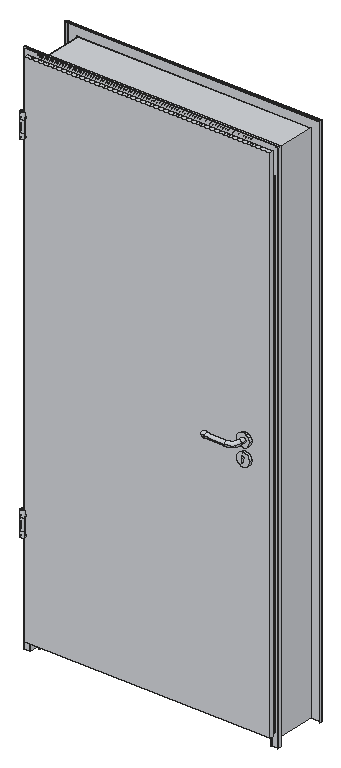
Revit family "BOS-Umfassungszarge-Bud-MW_Familie", category Türen, Revit 2017 (continued)
Definition of nested family "BOS-Band-VX_Modell"
  Automatic sketch dimensions
    Extrusion 8 sketch curve to Extrusion 8 sketch curve = 0.149 mm
    Extrusion 8 sketch curve to Extrusion 8 sketch curve = 2.05 mm
    Extrusion 9 sketch curve to Extrusion 9 sketch curve = 0 mm  (x6)
    Extrusion 9 sketch curve to curve 1 = 0 mm
    curve 1 to Extrusion 9 sketch curve = 0 mm
    Extrusion 9 sketch curve to curve 1 = 5.051 mm
    Extrusion 9 sketch curve to Extrusion 9 sketch curve = 4.091 mm
    Extrusion 9 sketch curve to curve 1 = 7.771 mm
    Extrusion 9 sketch curve to Extrusion 9 sketch curve = 2.203 mm
    Extrusion 9 sketch curve to Extrusion 9 sketch curve = 7.729 mm
    Extrusion 10 sketch curve to Extrusion 10 sketch curve = 0 mm  (x6)
    Extrusion 10 sketch curve to curve 1 = 0 mm
    curve 1 to Extrusion 10 sketch curve = 0 mm
    Extrusion 10 sketch curve to curve 1 = 5.051 mm
    Extrusion 10 sketch curve to Extrusion 10 sketch curve = 4.091 mm
    Extrusion 10 sketch curve to curve 1 = 7.771 mm
    Extrusion 10 sketch curve to Extrusion 10 sketch curve = 2.203 mm
    Extrusion 10 sketch curve to Extrusion 10 sketch curve = 7.729 mm
    Extrusion 11 sketch curve to Extrusion 11 sketch curve = 0 mm  (x3)
    plane 1 to Extrusion 11 sketch curve = 0 mm
    Extrusion 11 sketch curve to plane 3 = 0 mm
    Extrusion 11 sketch curve to plane 1 = 1.171 mm
    Extrusion 11 sketch curve to Extrusion 11 sketch curve = 6.421 mm
    plane 1 to Extrusion 11 sketch curve = 7.193 mm
    Extrusion 11 sketch curve to Extrusion 11 sketch curve = 0.526 mm
    Extrusion 11 sketch curve to Extrusion 11 sketch curve = 0.553 mm
    Extrusion 11 sketch curve to plane 1 = 0.901 mm
    plane 1 to Extrusion 11 sketch curve = 10.603 mm
    Extrusion 11 sketch curve to Extrusion 11 sketch curve = 3.5 mm
    Extrusion 11 sketch curve to Extrusion 11 sketch curve = 0.158 mm
    Extrusion 11 sketch curve to Extrusion 11 sketch curve = 1.739 mm
    plane 1 to Extrusion 11 sketch curve = 4.695 mm
    Extrusion 12 sketch curve to Extrusion 12 sketch curve = 0 mm  (x6)
    curve 1 to Extrusion 12 sketch curve = 0 mm  (x2)
    curve 1 to Extrusion 12 sketch curve = 46.34 mm
    Extrusion 12 sketch curve to Extrusion 12 sketch curve = 3.031 mm  (x2)
    Extrusion 12 sketch curve to Extrusion 12 sketch curve = 5.75 mm
    Extrusion 12 sketch curve to Extrusion 12 sketch curve = 1.346 mm
    Extrusion 12 sketch curve to Extrusion 12 sketch curve = 0.548 mm
    Extrusion 12 sketch curve to Extrusion 12 sketch curve = 1.017 mm
    Extrusion 12 sketch curve to Extrusion 12 sketch curve = 3.25 mm
    Extrusion 12 sketch curve to Extrusion 12 sketch curve = 1.75 mm
    Extrusion 13 sketch curve to Extrusion 13 sketch curve = 0 mm  (x6)
    curve 1 to Extrusion 13 sketch curve = 0 mm  (x2)
    curve 1 to Extrusion 13 sketch curve = 46.34 mm
    Extrusion 13 sketch curve to Extrusion 13 sketch curve = 3.031 mm  (x2)
    Extrusion 13 sketch curve to Extrusion 13 sketch curve = 5.75 mm
    Extrusion 13 sketch curve to Extrusion 13 sketch curve = 1.346 mm
    Extrusion 13 sketch curve to Extrusion 13 sketch curve = 0.548 mm
    Extrusion 13 sketch curve to Extrusion 13 sketch curve = 1.017 mm
    Extrusion 13 sketch curve to Extrusion 13 sketch curve = 3.25 mm
    Extrusion 13 sketch curve to Extrusion 13 sketch curve = 1.75 mm
    radius of Sweep 1 sketch curve = 6.5 mm
Definition of nested family "BOS-BOS_Modell"
  Parameters (values of type "BOS-BOS_Modell")
    Abstand = 22 mm
  Reference planes
    plane 1 "Mitte (Vorne/hinten)": y = 0
    plane 2: z = 0
    plane 3 "Mitte (Links/rechts)": x = 0
    plane 4 "BOS": x = -22
  Dimensions and locks
    "Abstand": plane 4 "BOS" to plane 3 "Mitte (Links/rechts)"
    aligned and locked: level to plane 2
    aligned and locked: plane 1 "Mitte (Vorne/hinten)" to text3d elem
    aligned and locked: text3d elem to level
Definition of nested family "BOS-Info-Texte_Beschriftung"
  Parameters (values of type "Drehpunkt Warnung")
    Unten = no
    Schwarz = yes
    Rot = no
    Oben = yes
    Info-Text En unten = "Kein Text"
    Info-Text De unten = "Kein Text"
    Info-Text En oben = "The actual pivot point of the door leaf\r\nmay differ from the one illustrated!"
    Englisch unten rot = and(and(Unten, Englisch), Rot)  # no
    Englisch unten schwarz = and(and(Unten, Englisch), Schwarz)  # no
    Englisch oben rot = and(and(Oben, Englisch), Rot)  # no
    Englisch oben schwarz = and(and(Oben, Englisch), Schwarz)  # no
    Info-Text De oben = "Der tatsächliche Drehpunkt des Türblattes\r\nkann von der Darstellung abweichen!"
    Warndreieck = no
    Fehlerkreis = no
    Englisch = no
    Deutsch unten rot = and(and(Unten, Deutsch), Rot)  # no
    Deutsch unten schwarz = and(and(Unten, Deutsch), Schwarz)  # no
    Deutsch oben rot = and(and(Oben, Deutsch), Rot)  # no
    Deutsch oben schwarz = and(and(Oben, Deutsch), Schwarz)  # yes
    Deutsch = not(Englisch)  # yes
    Ausrufezeichen = "!"
  Types (12, lengths in mm): name | Unten | Schwarz | Rot | Oben | Info-Text En unten | Info-Text De unten | Info-Text En oben | Info-Text De oben | Warndreieck | Fehlerkreis | Deutsch unten schwarz | Deutsch oben rot | Deutsch oben schwarz
    Rechtliche Hinweise | no | yes | no | yes | "Kein Text" | "Kein Text" | "In accordance with the protection note according to DIN 34, the ownership and copyrights are reserved!\r\n© 2016 BOS GmbH, Emsdetten, Germany -\r\nObserve the ISO 16016 protective label (see ID data)!\r\n\r\nSubject to technical change!" | "Entsprechend dem Schutzvermerk nach DIN 34 behalten wir uns Eigentum und Urheberrecht vor!\r\n© 2016 BOS GmbH, Emsdetten, Deutschland -\r\nSchutzvermerk ISO 16016 beachten (siehe ID-Daten)!\r\n\r\nTechnische Änderungen vorbehalten!" | no | no | no | no | yes
    Maulweite Fehlermeldung | no | yes | no | yes | "Kein Text" | "Kein Text" | "Check the wall thickness!" | "Wandstärke prüfen!" | no | yes | no | no | yes
    Verstellbereich | no | yes | no | yes | "Kein Text" | "Kein Text" | "Adjustment area from -5 to +15mm,\r\nother adjustment areas possible" | "Verstellbereich von -5 bis +15mm\r\nanderer Verstellbereich möglich" | no | no | no | no | yes
    Verstellbereich wSvdW | no | yes | no | yes | "Kein Text" | "Kein Text" | "Adjustment area in the soffit from -2 to +15mm,\r\nother adjustment areas possible" | "Verstellbereich in der Zargenleibung von -2 bis +15mm\r\nanderer Verstellbereich möglich" | no | no | no | no | yes
    Wandartauswahl 15Nz15Z | no | yes | no | yes | "Kein Text" | "Kein Text" | "Attention for stud walls: underlay from site required!\r\nFor DIN door leaves, select larger structural wall measurements.\r\nFor selection \"stud walls\":\r\nsee 'Features' (remove tick for brick walls)" | "Achtung bei Ständerwerk: bauseitige Unterfütterung erforderlich!\r\nBei DIN-Türblatt Rohbaumaße größer wählen.\r\nFür Auswahl \"Ständerwerk\": \r\nsiehe 'Eigenschaften' (Häkchen entfernen bei Mauerwerk)." | no | no | no | no | yes
    Technische Hinweise | no | yes | no | yes | "Kein Text" | "Kein Text" | "Due to manufacturing reasons this Revit family may not be changed\r\nwithout consulting BOS!\r\n\r\nDo not mirror frames (door list)!\r\nsee ‘Features’: DIN left / DIN right\r\n\r\nThe solid and stud walls or, for example, their profiles,\r\nmust be designed so that they can reliably and sustainably\r\nabsorb the static and dynamic forces resulting\r\nfrom the load on the door element used." | "Diese Revit-Familie darf aus fertigungstechnischen Gründen\r\nnicht ohne Rücksprache mit BOS abgeändert werden!\r\n\r\nZargen nicht spiegeln (Türliste)!\r\nsiehe 'Eigenschaften': DIN links / DIN rechts\r\n\r\nDie Massiv- und Ständerwerkswände bzw. deren Profile\r\nmüssen so ausgebildet sein, dass sie die statischen\r\nund dynamischen Kräfte, welche sich aus der Belastung\r\nder verwendeten Türelements ergeben, zuverlässig\r\nund nachhaltig aufnehmen können." | no | no | no | no | yes
    Drückerhöhe Warnung | yes | yes | no | no | "Please take the handle depth/height and/or DIN opening direction into account" | "Drückertiefen/-höhen und/oder DIN Richtungen beachten/anpassen!" | "Kein Text" | "Kein Text" | yes | no | yes | no | no
    Maulweite-Dehnungsfuge Fehlermeldung | no | yes | no | yes | "Kein Text" | "Kein Text" | "Check the wall thickness and/or expansion joint!" | "Wandstärke und/oder Dehnungsfuge prüfen!" | no | yes | no | no | yes
    Technische Hinweise Norm | no | yes | no | yes | "Kein Text" | "Kein Text" | "Due to manufacturing reasons this Revit family may not be changed\r\nwithout consulting BOS!\r\n\r\nThe solid and stud walls or, for example, their profiles,\r\nmust be designed so that they can reliably and sustainably\r\nabsorb the static and dynamic forces resulting\r\nfrom the load on the door element used." | "Diese Revit-Familie darf aus fertigungstechnischen Gründen\r\nnicht ohne Rücksprache mit BOS abgeändert werden!\r\n\r\nDie Massiv- und Ständerwerkswände bzw. deren Profile\r\nmüssen so ausgebildet sein, dass sie die statischen\r\nund dynamischen Kräfte, welche sich aus der Belastung\r\nder verwendeten Türelements ergeben, zuverlässig\r\nund nachhaltig aufnehmen können." | no | no | no | no | yes
    Maßauswahl | no | no | yes | yes | "Kein Text" | "Kein Text" | "To choose  Rebate Width/Height Measurement, Receiving Opening\r\nsee 'Features'" | "Auswahl von FMB, FMH, MW\r\nunter 'Eigenschaften'" | no | no | no | yes | no
    Rohbaumaß Warnung | no | yes | no | yes | "Kein Text" | "Kein Text" | "For DIN door leaves, select larger structural wall measurements!\r\nWhen changing the architrave widths, the structural measurements change accordingly." | "Bei DIN-Türblatt Rohbaumaße größer wählen!\r\nBei Änderung der Spiegelbreiten, Rohbaumaße beachten." | no | no | no | no | yes
    Drehpunkt Warnung | no | yes | no | yes | "Kein Text" | "Kein Text" | "The actual pivot point of the door leaf\r\nmay differ from the one illustrated!" | "Der tatsächliche Drehpunkt des Türblattes\r\nkann von der Darstellung abweichen!" | no | no | no | no | yes
  Reference planes
    plane 1: y = 0.955
    plane 2: x = 0
  Lines and regions (mm)
    Filled region 1, type "Gefüllter Bereich Gelb", visible <- "Warndreieck"
      outline origin (-7.188, 1.747, 0) x (1, 0, 0) y (0, 1, 0)
        loop
          line (5.951, -3.033) -> (8.413, -3.033) -> (7.182, -0.9) -> (5.951, -3.033)
    Filled region 2, type "Gefüllter Bereich Rot", visible <- "Fehlerkreis"
      outline origin (0, -3.763, 0) x (1, 0, 0) y (0, 1, 0)
        loop
          circle (0, 3.1) r 1.5
        loop
          line (-0.937, 3.486) -> (-0.937, 2.686) -> (1.023, 2.686) -> (1.023, 3.486) -> (-0.937, 3.486)
    Filled region 3, type "Gefüllter Bereich Weiss", visible <- "Fehlerkreis"
      outline origin (-7.014, -2.062, 0) x (1, 0, 0) y (0, 1, 0)
        loop
          line (6.077, 1.785) -> (6.077, 0.985) -> (8.038, 0.985) -> (8.038, 1.785) -> (6.077, 1.785)
  Text (mm)
    label "Info-Text De oben schwarz" at (0.065, 1.415, 0), shows "Info-Text De oben", visible <- "Deutsch oben schwarz"
    label "!" at (0.065, -0.414, 0), shows "Ausrufezeichen", visible <- "Warndreieck"
    label "Info-Text En oben schwarz" at (0.065, 1.415, 0), shows "Info-Text En oben", visible <- "Englisch oben schwarz"
    label "Info-Text De unten schwarz" at (0.218, -2.468, 0), shows "Info-Text De unten", visible <- "Deutsch unten schwarz"
    label "Info-Text En unten schwarz" at (0.065, -2.419, 0), shows "Info-Text En unten", visible <- "Englisch unten schwarz"
    label "Info-Text En oben rot" at (0.065, 1.415, 0), shows "Info-Text En oben", visible <- "Englisch oben rot"
    label "Info-Text En unten rot" at (0.065, -2.419, 0), shows "Info-Text En unten", visible <- "Englisch unten rot"
    label "Info-Text De unten rot" at (0.065, -2.419, 0), shows "Info-Text De unten", visible <- "Deutsch unten rot"
    label "Info-Text De oben rot" at (-0.371, 1.396, 0), shows "Info-Text De oben", visible <- "Deutsch oben rot"
Definition of nested family "BOS-loser-Propelleranker_Detail"
  Parameters (values of type "BOS-loser-Propelleranker_Detail")
    URL = "www.BestOfSteel.de"
    Rechtliche Hinweise = "www.BestOfSteel.de/tools-downloads/bim-building-information-modeling/"
    Model = ""
    MW Maulweite = 200 mm
    Manufacturer = "BOS GmbH Best Of Steel, Lütkenfelde 4, D-48282 Emsdetten"
    Einfügepunkt = 37 mm
    Bügelankerlänge vorne = 0.4 * MW Maulweite  # 80 mm
    Bügelankerlänge hinten = 0.4 * MW Maulweite  # 80 mm
    Description = "loser Propelleranker"
    Keynote = "BOS Detail"
    BOS-Architekten-Beratung = "Tel.: +49 (0) 2572 203-203; E-Mail: architekten@BestOfSteel.de"
    Technische Infos rund um die Stahlzarge = "www.BestOfSteel.de/tools-downloads/technische-infos-rund-um-die-stahlzarge/"
    Ankerstärke = 1.5 mm
    Abbiegung vorne = 15 mm
    Abbiegung hinten = 15 mm
  Reference planes
    plane 1: y = 0
    plane 2: z = 0
    plane 3: x = 0
    plane 4: y = 170
    plane 5: x = 5
    plane 6: y = 185
    plane 7: y = -15
    plane 8: x = -50
    plane 9: y = 85
    plane 10: y = 165
    plane 11: y = 5
    plane 12: x = 20
    plane 13: x = 37
    plane 14: x = 20
  Lines and regions (mm)
    detail lines, in view "Ref.-Ebene"
      curve 1: line (-50, 0, 0) -> (5, 0, 0)
      curve 2: line (5, 0, 0) -> (5, 170, 0)
      curve 3: line (5, 170, 0) -> (-50, 170, 0)
      curve 4: line (0, 170, 0) -> (0, 0, 0)
      curve 5: line (5, 85, 0) -> (20, 165, 0)
      curve 6: line (20, 165, 0) -> (21.474, 164.724, 0)
      curve 7: line (21.474, 164.724, 0) -> (6.526, 85, 0)
      curve 8: line (5, 85, 0) -> (20, 5, 0)
      curve 9: line (20, 5, 0) -> (21.474, 5.276, 0)
      curve 10: line (21.474, 5.276, 0) -> (6.526, 85, 0)
  Dimensions and locks
    plane 4 to plane 6 = 15 mm
    plane 7 to plane 1 = 15 mm
    "MW Maulweite": plane 7 to plane 6
    plane 8 to plane 3 = 50 mm
    plane 3 to plane 5 = 5 mm
    "Einfügepunkt": plane 3 to plane 13
    equal spacing: plane 7, plane 9, plane 6
    "Bügelankerlänge vorne": plane 11 to plane 9
    "Bügelankerlänge hinten": plane 9 to plane 10
    "Abbiegung vorne": plane 5 to plane 12
    "Abbiegung hinten": plane 5 to plane 14
    "Ankerstärke": curve 7 to curve 5
    "Ankerstärke": curve 8 to curve 10
  Automatic sketch dimensions
    plane 1 to curve 1 = 0 mm
    curve 1 to plane 8 = 0 mm
    curve 3 to plane 4 = 0 mm
    curve 3 to plane 8 = 0 mm
    curve 4 to plane 3 = 0 mm
    curve 1 to plane 5 = 0 mm
    plane 9 to curve 10 = 0 mm
    curve 9 to plane 11 = 0 mm
    curve 9 to plane 12 = 0 mm
    curve 5 to plane 10 = 0 mm
    curve 5 to plane 12 = 0 mm
Definition of nested family "BOS-Logo_Modell"
  Parameters (values of type "BOS-Logo_Modell")
    URL = "www.BestOfSteel.de"
    Rechtliche Hinweise = "www.BestOfSteel.de/tools-downloads/bim-building-information-modeling/"
    Description = "BOS Logo"
    Keynote = "BOS Logo"
    BOS-Architekten-Beratung = "Tel.: +49 (0) 2572 203-203; E-Mail: architekten@BestOfSteel.de"
    Technische Infos rund um die Stahlzarge = "www.BestOfSteel.de/tools-downloads/technische-infos-rund-um-die-stahlzarge/"
    Abstand vertikal = 10 mm
    Abstand horizontal = 15 mm
  Reference planes
    plane 1: y = 0
    plane 2: z = 0
    plane 3: x = 0
    plane 4: x = -7
    plane 5: x = 7
    plane 6: y = 8.299
    plane 7: x = 15
    plane 8: y = 4.15
    plane 9: x = -15
    plane 10: y = 14.15
    plane 11: y = -5.85
  Dimensions and locks
    plane 4 to plane 3 to plane 5 = 7 mm, 7 mm
    "Abstand vertikal": plane 11 to plane 8 to plane 10
    plane 6 to plane 8 to plane 1 = 4.15 mm, 4.15 mm
    "Abstand horizontal": plane 9 to plane 3
    "Abstand horizontal": plane 3 to plane 7
    aligned and locked: level to plane 2
Types (4, lengths in mm): name | Spiegel vorne max. | Spiegel hinten min. | Spiegel hinten max. | Türblattversatz vertikal | Türblattversatz  horizontal | Türblattabstand 1 | Stumpf | LDH Lichte Durchgangs Höhe   Clearance Height | LDB Lichte Durchgangs Breite   Clearance Width | Gefälzt | Türblattstärke 3 | Türblattstärke 2 | Türblattstärke 1 | Türblattstärke | Spiegel hinten   Architrave Back | Spiegel hinten | Falztiefe gesamt | Falztiefe | Falzaufschlag gesamt | Doppelfalz | Einfachfalz | Dichtungsversatz vertikal 2 | Dichtungsversatz vertikal 1 | Dichtung 2 | Drehpunktposition vertikal | Drehpunktposition horizontal | Drehpunktabstand (FM) horizontal | Drehpunktabstand (SP) vertikal | Bänder - Auswahl | BsFd | BuFd | Modell | Bud | Bsd | Beschreibung
  Bud | 65 | 45 | 45 | -3.5 | 11.5 | 1.5 | no | 2093 | 936 | yes | 0 | 25.5 | 14.5 | 40 | 45 | 45 | 28.5 | 28.5 | 15 | no | yes | 53.5 | 28.5 | no | 122.5 | 1524 | 21 | 12.5 | "3D Bänder gefälzt, Bandaufnahmen BVX11000" | no | no | "Bud" | yes | no | "Umfassungszarge als Blockprofil für Mauerwerk, gefälzt"
  BuFd | 50 | 60 | 60 | -3.5 | 11.5 | 1.5 | no | 2078 | 906 | yes | 25 | 25.5 | 14.5 | 65 | 60 | 60 | 53.5 | 28.5 | 30 | yes | no | 53.5 | 28.5 | yes | 122.5 | 1524 | 21 | 12.5 | "3D Bänder gefälzt, Bandaufnahmen BVX11000" | no | yes | "BuFd" | no | no | "Umfassungszarge als Blockprofil für Mauerwerk, gefälzt, mit Doppelfalz"
  Bsd | 65 | 45 | 45 | 15.5 | 6 | -2 | yes | 2093 | 936 | no | 0 | 40 | 0 | 40 | 45 | 45 | 46.5 | 46.5 | 15 | no | yes | 71.5 | 46.5 | no | 123.5 | 1505.5 | 2.5 | 13.5 | "3D Bänder stumpf, Bandaufnahmen BVX11000" | no | no | "Bsd" | no | yes | "Umfassungszarge als Blockprofil für Mauerwerk, stumpf"
  BsFd | 50 | 60 | 60 | 15.5 | 6 | -2 | yes | 2078 | 906 | no | 25 | 40 | 0 | 65 | 60 | 60 | 71.5 | 46.5 | 30 | yes | no | 71.5 | 46.5 | yes | 123.5 | 1505.5 | 2.5 | 13.5 | "3D Bänder stumpf, Bandaufnahmen BVX11000" | yes | no | "BsFd" | no | no | "Umfassungszarge als Blockprofil für Mauerwerk, stumpf, mit Doppelfalz"
